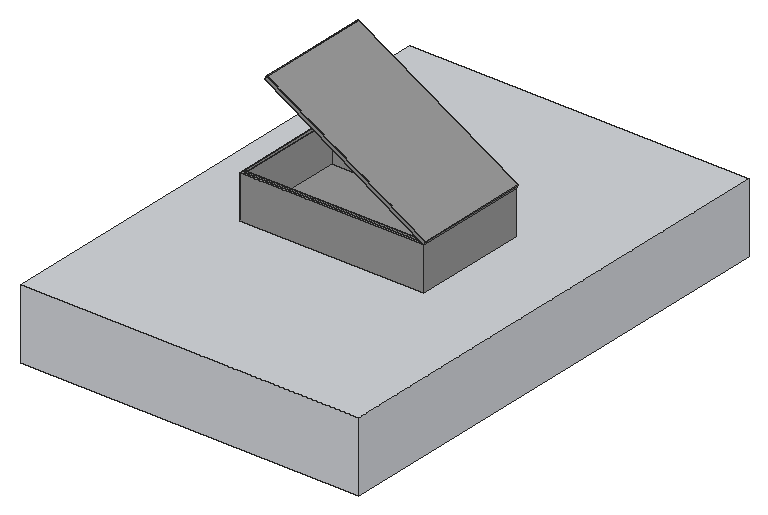
Revit family "Hager-Univers-IP54-D205-Cl.II-enclosure_metering-DE-de", category Equipement électrique, Revit 2020
Family settings
  Hôte = Face
  Configuration du panneau = Deux colonnes, circuits au sein
  Cote de connecteur circulaire = Utiliser le diamètre
  Type d'élément = Tableau de raccordement
  Couper avec des vides une fois chargée = Non
  Partagée = Non
  Point de calcul de pièce = Non
Parameters (values of type "Aufputz IP54 B800 H500 T205  - ZB013W")
  Width Control [instance] = if([EF000008 - Breite] > Min Width, [EF000008 - Breite], Min Width)  # 800 mm
  Commentaires du type = [HG000003 - Bereich]  # "Univers"
  Thickness Door [instance] = if([EF009171 - Materialstärke Tür/Deckel] > 3 mm, 3 mm, [EF009171 - Materialstärke Tür/Deckel])  # 1 mm
  Seal Frame Offset [instance] = 17 mm  # constant formula
  Plinth Visibility [instance] = [HG000027 - Sockelhöhe] > 0 mm  # no
  Model = ""
  Min Width [instance] = 100 mm  # constant formula
  Min Height [instance] = 100 mm  # constant formula
  Min Depth [instance] = (2 * [EF009170 - Materialstärke Gehäuse]) + 1 mm  # 3 mm
  Internal Frame Depth [instance] = (Door System Depth * 0.5)  # 9 mm
  Height Control [instance] = if([EF000040 - Höhe] > Min Height, [EF000040 - Höhe], Min Height)  # 500 mm
  HG000027 - Sockelhöhe = 0 mm
  HG000026 - Stehend auf dem Boden = no
  HG000024 - Höhe des unteren Teils = 800 mm
  HG000023 - Gehäuse mit doppeltem Querschnitt = no
  HG000016 - 3D-Türsichtbarkeit [instance] = yes
  HG000015 - Sichtbarkeit der Türöffnung [instance] = no
  HG000014 - Tür rechts [instance] = yes
  HG000013 - Tür links [instance] = not([HG000014 - Tür rechts])  # no
  HG000012 - Türschwenkwinkel [instance] = 30.00°
  HG000010 - Asymmetrische Türen = no
  HG000009 - Doppelflügeligen Tür = no
  HG000006 - Unterputz = no
  HG000004 - Herstellerreferenz = "ZB013W"
  HG000003 - Bereich = "Univers"
  HG000002 - Mit tür = yes
  Frame Offset Bottom [instance] = 10 mm  # constant formula
  Frame Offset [instance] = 15 mm  # constant formula
  EF015940 - Deckel mit Überdruckentlastung = no
  EF011959 - Schutzart (NEMA) = ""
  EF009554 - Anzahl der Öffnungen für Flanschplatten = 0
  Fabricant = "Hager"  # constant formula
  EF009212 - Ausführung Deckel = "EV000116 - geschlossen"
  EF009171 - Materialstärke Tür/Deckel = 1 mm
  EF009170 - Materialstärke Gehäuse = 1 mm
  EF008873 - Nennstrom (In) = 0 A
  EF007800 - Geeignet für Blitzschutz = no
  EF006306 - Mit Schloss = no
  EF006244 - Transparenter Deckel/Tür = no
  EF005474 - Schutzart (IP) = "EV006419 - IP54"
  EF004464 - Art der Tür = "EV003602 - Doppel"
  EF004427 - Anzahl der Module = 108
  EF004293 - Schlagfestigkeit = ""
  EF003532 - Geeignet für Außengebrauch = no
  EF002950 - Breite in Teilungseinheiten = 0
  EF001613 - Funktionserhalt = "EV000494 - ohne"
  EF001596 - Werkstoff des Gehäuses = "EV000179 - Stahl"
  EF001131 - Innentiefe = 0 mm
  EF001088 - Anbaumöglichkeit = yes
  EF000437 - Anzahl der Leitungseinführungen = 0
  EF000339 - Art der Abdeckung = "EV004216 - Tür"
  EF000266 - Anzahl der Reihen = 9
  EF000218 - Einbautiefe = 205 mm
  EF000118 - Mit Montageplatte = no
  EF000116 - RAL-Nummer = "9010"
  EF000049 - Tiefe = 205 mm
  EF000040 - Höhe = 500 mm
  EF000008 - Breite = 800 mm
  EF000007 - Farbe = "EV000202 - weiß"
  EF000003 - Montageart = "EV000384 - Aufputz"
  Door System Leaf Tolerance [instance] = 1.5 mm  # constant formula
  Door System Depth [instance] = 18 mm  # constant formula
  Door Height [instance] = Height Control - [HG000027 - Sockelhöhe]  # 500 mm
  Depth Control [instance] = if([EF000049 - Tiefe] > Min Depth, [EF000049 - Tiefe], Min Depth)  # 205 mm
  Default Elevation = 0 mm
  Connector Offset [instance] = Height Control / 2  # 250 mm
  Bottom Top Plate Trim [instance] = 1.5 mm  # constant formula
  Plinth height Ctrl [instance] = if([HG000027 - Sockelhöhe] > 0 mm, [HG000027 - Sockelhöhe], 12 mm)  # 12 mm
Types (5, lengths in mm): name | Width Control | HG000004 - Herstellerreferenz | EF004464 - Art der Tür | EF004427 - Anzahl der Module | EF000266 - Anzahl der Reihen | EF000008 - Breite
  Aufputz IP54 B1050 H500 T205  - ZB014W | 1050 | "ZB014W" | "EV002646 - Einzel" | 144 | 12 | 1050
  Aufputz IP54 B1300 H500 T205  - ZB015W | 1300 | "ZB015W" | "EV002646 - Einzel" | 180 | 15 | 1300
  Aufputz IP54 B300 H500 T205  - ZB011W | 300 | "ZB011W" | "EV002646 - Einzel" | 36 | 3 | 300
  Aufputz IP54 B550 H500 T205  - ZB012W | 550 | "ZB012W" | "EV002646 - Einzel" | 96 | 8 | 550
  Aufputz IP54 B800 H500 T205  - ZB013W | 800 | "ZB013W" | "EV003602 - Doppel" | 108 | 9 | 800
Reference planes
  plane 1 "Center (Front/Back)": y = 0
  plane 2: z = 0
  plane 3 "Center (Left/Right)": x = 0
  plane 4: z = 205
  plane 5: y = 1
  plane 6: y = 250
  plane 7: y = 0
  plane 8: y = 500
  plane 9: z = 0
  plane 10: x = -385
  plane 11: x = 385
  plane 12: x = 384
  plane 13: x = -384
  plane 14: y = 499
  plane 15: x = -383
  plane 16: x = -400
  plane 17: x = 383
  plane 18: x = 400
  plane 19: x = 399
  plane 20: x = -399
  plane 21: y = 11
  plane 22: y = 500
  plane 23: y = 484
  plane 24: z = 187
  plane 25: z = 1
  plane 26: z = 186
  plane 27: z = 204
Forms (mm)
  Extrusion 1, solid
    sketch origin (0, 0, 0) x (1, 0, 0) y (0, 1, 0)
      loop
        line (-702.964, 1305) -> (-702.964, -811.445) -> (766.763, -811.445) -> (766.763, 1305) -> (-702.964, 1305)
    from 0 to -304.8
  Extrusion 2, solid, material "Hager_Steel_RAL7035_Light_Grey", visible <- "Plinth Visibility", detail levels medium+fine
    sketch origin (0, 0, 0) x (1, 0, 0) y (0, 1, 0)
      loop
        line (-400, 0) -> (400, 0) -> (400, 12) -> (-400, 12) -> (-400, 0)
    from 0 to 187
  Extrusion 3, solid, material "Hager_Steel_RAL7035_Light_Grey", detail levels medium+fine
    sketch origin (0, 0, 0) x (1, 0, 0) y (0, 1, 0)
      loop
        line (-400, 0) -> (400, 0) -> (400, 500) -> (-400, 500) -> (-400, 0)
    from 0 to 187
  Extrusion 4, void
    sketch origin (0, 0, 0) x (1, 0, 0) y (0, 1, 0)
      loop
        line (-399, 1) -> (399, 1) -> (399, 499) -> (-399, 499) -> (-399, 1)
    from 1 to 186
  Extrusion 5, void
    sketch origin (-381.607, -4572, 187) x (0, -1, 0) y (-1, 0, 0)
      loop
        line (-4583, 2.393) -> (-5056, 2.393) -> (-5056, -765.607) -> (-4583, -765.607) -> (-4583, 2.393)
    from 0 to 1 <- "EF009170 - Materialstärke Gehäuse"
  Extrusion 6, solid, material "Hager_Steel_RAL7035_Light_Grey", detail levels fine
    sketch origin (0, 0, 187) x (1, 0, 0) y (0, 1, 0)
      loop
        line (-384, 484) -> (-384, 11) -> (384, 11) -> (384, 484) -> (-384, 484)
      loop
        line (-385, 10) -> (385, 10) -> (385, 485) -> (-385, 485) -> (-385, 10)
    from 0 to 9 <- "Internal Frame Depth"
  Extrusion 7, solid, material "Hager_Steel_RAL7035_Light_Grey", detail levels coarse
    sketch origin (0, 0, 0) x (1, 0, 0) y (0, 1, 0)
      loop
        line (-400, 0) -> (400, 0) -> (400, 500) -> (-400, 500) -> (-400, 0)
    from 0 to 205
  Sweep 8, void
    path in 3D
      loop
        line (-400, 12, 0) -> (400, 12, 0) -> (400, 12, 187) -> (-400, 12, 187) -> (-400, 12, 0)
    profile origin (-400, 12, 93.5) x (-1, 0, 0) y (0, -1, 0)
      loop
        line (0, 0) -> (0, 1.5) -> (-1.5, 1.5)
        arc (-1.5, 1.5) -> (-1.061, 0.439) -> (0, 0) r 1.5
Cuts and joins
  Extrusion 4, Extrusion 5 cuts Extrusion 3
  Sweep 8 cuts Extrusion 2
Lines and regions (mm)
  Masking region 1
    outline origin (0, 0, 0) x (1, 0, 0) y (0, 0, 1)
      loop
        line (-400, 205) -> (-400, 0) -> (400, 0) -> (400, 205) -> (-400, 205)
  Masking region 2, detail levels medium+fine
    outline origin (0, 140, 0) x (0, 1, 0) y (0, 0, 1)
      loop
        line (-140, 0) -> (360, 0) -> (360, 187) -> (-140, 187) -> (-140, 0)
  Masking region 3, not visible, detail levels medium+fine
    outline origin (0, 297.922, 0) x (0, 1, 0) y (0, 0, 1)
      loop
        line (-36.422, 0) -> (3.578, 0) -> (3.578, 194)
        arc (3.578, 194) -> (0.649, 201.071) -> (-6.422, 204) r 10
        line (-6.422, 204) -> (-36.422, 204) -> (-36.422, 0)
  Masking region 4, detail levels coarse
    outline origin (0, 0, 180) x (0, 1, 0) y (0, 0, 1)
      loop
        line (0, -180) -> (500, -180) -> (500, 25) -> (0, 25) -> (0, -180)
  Masking region 5, visible <- "Plinth Visibility", detail levels medium+fine
    outline origin (0, 52.24, 12.345) x (0, 0, -1) y (0, 1, 0)
      loop
        line (10.845, -40.24) -> (-173.155, -40.24)
        arc (-173.155, -40.24) -> (-173.594, -41.301) -> (-174.655, -41.74) r 1.5
        line (-174.655, -41.74) -> (-174.655, -52.24) -> (12.345, -52.24) -> (12.345, -41.74)
        arc (12.345, -41.74) -> (11.285, -41.301) -> (10.845, -40.24) r 1.5
  Masking region 6, detail levels medium+fine
    outline origin (-381.607, -4572, 187) x (-1, 0, 0) y (0, -1, 0)
      loop
        line (18.393, -5072) -> (18.393, -4572) -> (-781.607, -4572) -> (-781.607, -5072) -> (18.393, -5072)
  Masking region 7, visible <- "Plinth Visibility", detail levels medium+fine
    outline origin (-381.607, -4727, 187) x (-1, 0, 0) y (0, -1, 0)
      loop
        arc (16.893, -4739) -> (17.332, -4737.939) -> (18.393, -4737.5) r 1.5
        line (18.393, -4737.5) -> (18.393, -4727) -> (-781.607, -4727) -> (-781.607, -4737.5)
        arc (-781.607, -4737.5) -> (-780.546, -4737.939) -> (-780.107, -4739) r 1.5
        line (-780.107, -4739) -> (16.893, -4739)
  Masking region 8, detail levels coarse
    outline origin (-442.548, -4669.526, 187) x (-1, 0, 0) y (0, -1, 0)
      loop
        line (-42.548, -5169.526) -> (-42.548, -4669.526) -> (-842.548, -4669.526) -> (-842.548, -5169.526) -> (-42.548, -5169.526)
  sketch lines
    curve 1: line (-400, 12, 187) -> (-400, 12, 0)
    curve 2: line (400, 12, 187) -> (-400, 12, 187)
    curve 3: line (400, 12, 187) -> (400, 12, 0)
    curve 4: line (-400, 12, 0) -> (400, 12, 0)
Dimensions and locks
  "Depth Control": plane 4 to Extrusion 1
  "HG000027 - Sockelhöhe": plane 1 "Center (Front/Back)" to plane 7
  "EF009170 - Materialstärke Gehäuse": plane 5 to plane 7
  locked: connector elem to plane 3 "Center (Left/Right)"
  equal spacing: plane 8, plane 6, plane 7
  locked: connector elem to plane 6
  "EF009170 - Materialstärke Gehäuse": plane 8 to plane 14
  "EF009170 - Materialstärke Gehäuse": plane 10 to plane 13
  "EF009170 - Materialstärke Gehäuse": plane 12 to plane 11
  "Frame Offset": plane 20 to plane 13
  "Frame Offset": plane 12 to plane 19
  "EF009170 - Materialstärke Gehäuse": plane 16 to plane 20
  "EF009170 - Materialstärke Gehäuse": plane 19 to plane 18
  "Seal Frame Offset": plane 16 to plane 15
  "Seal Frame Offset": plane 17 to plane 18
  "Frame Offset Bottom": plane 21 to plane 5
  "Frame Offset": plane 14 to plane 23
  equal spacing: plane 16, plane 3 "Center (Left/Right)", plane 18
  "Width Control": plane 16 to plane 18
  "EF009170 - Materialstärke Gehäuse": plane 4 to plane 27
  "EF009170 - Materialstärke Gehäuse": plane 24 to plane 26
  "EF009170 - Materialstärke Gehäuse": plane 25 to level
  "Door System Depth": plane 4 to plane 24
  "Height Control": plane 1 "Center (Front/Back)" to Extrusion 7 sketch curve
  "Height Control": Masking region 4 sketch curve to plane 1 "Center (Front/Back)"
  "Height Control": plane 1 "Center (Front/Back)" to plane 22
  "Bottom Top Plate Trim": profile plane to Sweep 8 sketch curve
  "Bottom Top Plate Trim": Sweep 8 sketch curve to profile plane
  "Plinth height Ctrl": plane 1 "Center (Front/Back)" to Extrusion 2 sketch curve
  "Plinth height Ctrl": Masking region 5 sketch curve to plane 1 "Center (Front/Back)"
  "Plinth height Ctrl": plane 1 "Center (Front/Back)" to Masking region 7 sketch curve
  "Thickness Door": Extrusion 6 sketch curve to Extrusion 6 sketch curve  (x3)
  "Thickness Door": cut or joined group of Extrusion 3, Extrusion 4, Extrusion 5 to Extrusion 6 sketch curve
  radius of Masking region 3 sketch curve = 10 mm
  "Bottom Top Plate Trim": radius of Masking region 5 sketch curve  (x2)
  "Bottom Top Plate Trim": radius of Sweep 8 sketch curve
  "Bottom Top Plate Trim": radius of Masking region 7 sketch curve  (x2)
  aligned and locked: plane 2 to Extrusion 1
  aligned and locked: level to Extrusion 1
  aligned and locked: level to Masking region 1 sketch curve
  aligned and locked: Masking region 1 sketch curve to plane 18
  aligned and locked: Masking region 1 sketch curve to plane 16
  aligned and locked: plane 7 to Masking region 2 sketch curve
  aligned and locked: level to Masking region 3 sketch curve
  aligned and locked: Masking region 3 sketch curve to plane 27
  aligned and locked: level to Masking region 2 sketch curve
  aligned and locked: plane 1 "Center (Front/Back)" to Extrusion 2 sketch curve
  aligned and locked: Extrusion 3 sketch curve to plane 7
  aligned and locked: plane 16 to Extrusion 3 sketch curve
  aligned and locked: plane 18 to Extrusion 3 sketch curve
  aligned and locked: plane 20 to Extrusion 4 sketch curve
  aligned and locked: plane 19 to Extrusion 4 sketch curve
  aligned and locked: Extrusion 4 sketch curve to plane 5
  aligned and locked: Extrusion 4 to plane 25
  aligned and locked: plane 26 to Extrusion 4
  aligned and locked: plane 24 to Extrusion 3
  aligned and locked: Extrusion 5 sketch curve to plane 21
  aligned and locked: Extrusion 5 sketch curve to plane 13
  aligned and locked: Extrusion 5 sketch curve to plane 12
  aligned and locked: plane 18 to Extrusion 7 sketch curve
  aligned and locked: plane 1 "Center (Front/Back)" to Extrusion 7 sketch curve
  aligned and locked: plane 16 to Extrusion 7 sketch curve
  aligned and locked: plane 4 to Extrusion 7
  aligned and locked: Extrusion 7 to level
  aligned and locked: level to Masking region 4 sketch curve
  aligned and locked: Masking region 4 sketch curve to plane 1 "Center (Front/Back)"
  aligned and locked: Masking region 4 sketch curve to plane 4
  aligned and locked: nested 1 to level
  aligned and locked: nested 1 to plane 16
  aligned and locked: plane 8 to Extrusion 3 sketch curve
  aligned and locked: plane 23 to Extrusion 5 sketch curve
  aligned and locked: plane 14 to Extrusion 4 sketch curve
  aligned and locked: Masking region 2 sketch curve to plane 8
  aligned and locked: level to Masking region 5 sketch curve
  aligned and locked: plane 16 to Extrusion 2 sketch curve
  aligned and locked: plane 18 to Extrusion 2 sketch curve
  aligned and locked: Masking region 5 sketch curve to plane 24
  aligned and locked: Masking region 2 sketch curve to plane 24
  aligned and locked: plane 24 to Extrusion 2
  aligned and locked: profile plane to Sweep 8 sketch curve  (x2)
  aligned and locked: Masking region 6 sketch curve to plane 18
  aligned and locked: Masking region 6 sketch curve to plane 22
  aligned and locked: Masking region 6 sketch curve to plane 16
  aligned and locked: plane 8 to plane 22
  aligned and locked: Masking region 6 sketch curve to plane 7
  aligned and locked: Masking region 7 sketch curve to plane 16
  aligned and locked: Masking region 7 sketch curve to plane 1 "Center (Front/Back)"
  aligned and locked: Masking region 7 sketch curve to plane 18
  aligned and locked: Masking region 8 sketch curve to plane 1 "Center (Front/Back)"
  aligned and locked: Masking region 8 sketch curve to plane 18
  aligned and locked: Masking region 8 sketch curve to plane 22
  aligned and locked: Masking region 8 sketch curve to plane 16
  aligned and locked: nested 2 to plane 7
  aligned and locked: plane 3 "Center (Left/Right)" to nested 2
  aligned and locked: nested 2 to plane 24
  aligned and locked: Extrusion 6 sketch curve to cut or joined group of Extrusion 3, Extrusion 4, Extrusion 5  (x4)
Automatic sketch dimensions
  Extrusion 1 sketch curve to Extrusion 1 sketch curve = 1469.727 mm
  Extrusion 1 sketch curve to Extrusion 1 sketch curve = 2116.445 mm
  Masking region 1 sketch curve to plane 4 = 0 mm
  plane 6 to Masking region 3 sketch curve = 11.5 mm
  Masking region 3 sketch curve to Masking region 3 sketch curve = 30 mm
  Masking region 5 sketch curve to plane 1 "Center (Front/Back)" = 0 mm
Nested families
  nested 1: "Hager_Enclosure_Symbol" at (-400, 0, 0) x (1, 0, 0) z (0, -1, 0), Height <- "Depth Control", Width <- "Width Control", type "Hager_Enclosure_Symbol"
    with Width_Ctrl 800 mm, Width 800 mm, Height_Ctrl 205 mm, Height 205 mm, A_Width_Int 13.453 mm, A_Width 161.438 mm, A_Height_Ctrl 179.375 mm, A_Height 179.375 mm
  nested 2: "EC000058_Univers_Door" at (0, 0, 187) x (1, 0, 0) z (0, 1, 0), Leaf_Tolerance <- "Door System Leaf Tolerance", Angle <- "HG000012 - Türschwenkwinkel", Door_Depth <- "Door System Depth", Door_Left <- "HG000013 - Tür links", Transparent <- "EF006244 - Transparenter Deckel/Tür", Assymetrical <- "HG000010 - Asymmetrische Türen", Width <- "Width Control", Clearance <- "HG000015 - Sichtbarkeit der Türöffnung", Double <- "HG000009 - Doppelflügeligen Tür", 3d_Door <- "HG000016 - 3D-Türsichtbarkeit", Lock_Visibility <- "EF006306 - Mit Schloss", Width_Ctrl <- "Width Control", Door_Right <- "HG000014 - Tür rechts", Door <- "HG000002 - Mit tür", Height <- "Door Height", Thickness <- "Thickness Door", type "EC000058_Univers_Door", detail levels medium+fine
    with min_wh 3 mm, Width_Ctrl 800 mm, Width 800 mm, Transparent no, Thickness 1 mm, Seal_Material Hager_Rubber, Lock_Visibility no, Lock_Material Hager_Plastic_RAL9005_Jet_Black, Leaf_Width 800 mm, Leaf_Tolerance_External_Sides 0 mm, Leaf_Tolerance 1.5 mm, Leaf_Offset 0 mm, Leaf_Height 497 mm, Leaf_2_Width 800 mm, Leaf_2_Offset 400 mm, Leaf_1_Width 800 mm, Leaf_1_Offset 400 mm, Height_Ctrl 500 mm, Height 500 mm, Glass_Material Hager_Glass, Double_Clearance_Ctrl no, Double no, Door_Right_Ctrl yes, Door_Right yes, Door_Material Hager_Steel_RAL7035_Light_Grey, Door_Left_Ctrl no, Door_Left no, Door_Depth 18 mm, Door yes, Clearance_Material Hager_Clearance, Clearance_Depth 800 mm, Clearance_Ctrl no, Clearance no, Assymetrical no, Angle 30.00°, 3d_Door yes
Connectors
  electrical at (0, 250, 0)
    settings: on plane 9, index 1, voltage 0 V, apparent load 0 VA, apparent load phase1 0 VA, apparent load phase2 0 VA, apparent load phase3 0 VA, power factor 1, load classification "Other", number of poles 1, system type 30, power factor state 1, is connector primary yes, connector utility no, sub classification motor no, connector description ""
Definition of nested family "EC000058_Univers_Door"
  Parameters (values of type "EC000058_Univers_Door")
    min_wh [instance] = (2 * Thickness) + 1 mm  # 11 mm
    Width_Ctrl [instance] = 400 mm
    Width [instance] = 500 mm
    Transparent [instance] = yes
    Thickness [instance] = 5 mm
    Seal_Material [instance] = none
    Lock_Visibility [instance] = yes
    Lock_Material [instance] = none
    Leaf_Width [instance] = if((Width_Ctrl - 2 * Leaf_Tolerance_External_Sides) > 0 mm, (Width_Ctrl - 2 * Leaf_Tolerance_External_Sides), min_wh)  # 400 mm
    Leaf_Tolerance_External_Sides [instance] = 0 mm  # constant formula
    Leaf_Tolerance [instance] = 1.5 mm
    Leaf_Offset [instance] = 0 mm  # constant formula
    Leaf_Height [instance] = if((Height_Ctrl - 2 * Leaf_Tolerance) > 0 mm, (Height_Ctrl - 2 * Leaf_Tolerance), min_wh)  # 497 mm
    Leaf_2_Width [instance] = if(and(and(Double, Assymetrical), Door_Left), (Leaf_Width / 3) - (Leaf_Tolerance / 2), if(and(and(Double, Assymetrical), Door_Right), (Leaf_Width / 3) * 2 - (Leaf_Tolerance / 2), if(and(Double, not(Assymetrical)), (Leaf_Width / 2) - Leaf_Tolerance, Leaf_Width)))  # 400 mm
    Leaf_2_Offset [instance] = if(and(Double, Assymetrical), Leaf_2_Width / 2, if(and(Double, not(Assymetrical)), Leaf_Width / 4, Leaf_Width / 2))  # 200 mm
    Leaf_1_Width [instance] = if(and(and(Double, Assymetrical), Door_Right), (Leaf_Width / 3) - (Leaf_Tolerance / 2), if(and(and(Double, Assymetrical), Door_Left), (Width / 3) * 2 - (Leaf_Tolerance / 2), if(and(Double, not(Assymetrical)), (Leaf_Width / 2) - Leaf_Tolerance, Leaf_Width)))  # 400 mm
    Leaf_1_Offset [instance] = if(and(Double, Assymetrical), Leaf_1_Width / 2, if(and(Double, not(Assymetrical)), Leaf_Width / 4, Leaf_Width / 2))  # 200 mm
    Height_Ctrl [instance] = if(Height > min_wh, Height, min_wh)  # 500 mm
    Height [instance] = 500 mm
    Glass_Material [instance] = none
    Double_Clearance_Ctrl [instance] = and(Double, Clearance)  # no
    Double [instance] = no
    Door_Right_Ctrl [instance] = and(or(Door_Right, Double), Door)  # yes
    Door_Right [instance] = yes
    Door_Material [instance] = none
    Door_Left_Ctrl [instance] = and(or(Door_Left, Double), Door)  # no
    Door_Left [instance] = no
    Door_Depth [instance] = 30 mm
    Door [instance] = yes
    Default Elevation = 1219.2 mm
    Clearance_Material [instance] = none
    Clearance_Depth [instance] = if(Leaf_1_Width > Leaf_2_Width, Leaf_1_Width, Leaf_2_Width)  # 400 mm
    Clearance_Ctrl [instance] = and(not(Double), Clearance)  # yes
    Clearance [instance] = yes
    Assymetrical [instance] = yes
    Angle [instance] = 30.00°
    3d_Door [instance] = yes
  Reference planes
    plane 1 "Center (Front/Back)": y = 0
    plane 2 "Bottom": z = 0
    plane 3 "Center (Left/Right)": x = 0
    plane 4: z = 500
    plane 5: x = -200
    plane 6: x = 200
    plane 7: z = 500
    plane 8: x = -200
    plane 9: z = 0
    plane 10: x = 200
    plane 11: y = 0
    plane 12: z = 1.5
    plane 13: x = -600
    plane 14: y = -400
    plane 15: x = 600
    plane 16: x = 0
    plane 17: x = 0
    plane 18: x = -200
    plane 19: x = 200
    plane 20: z = 498.5
  Forms (mm)
    Extrusion 1, solid, material <- "Clearance_Material", visible <- "Double_Clearance_Ctrl"
      sketch origin (1200, 0, 0) x (1, 0, 0) y (0, 0, -1)
        loop
          line (-1800, -498.5) -> (-600, -498.5) -> (-600, 0) -> (-1800, 0) -> (-1800, -498.5)
      from 0 to -400
  Dimensions and locks
    equal spacing: plane 5, plane 3 "Center (Left/Right)", plane 6
    "Width_Ctrl": plane 5 to plane 6
    "Leaf_Offset": plane 5 to plane 8
    "Leaf_Offset": plane 6 to plane 10
    "Leaf_Offset": plane 9 to level
    "Leaf_Offset": plane 4 to plane 7
    "Height_Ctrl": plane 4 to level
    "Leaf_Tolerance": plane 12 to plane 9
    locked: plane 11 to plane 1 "Center (Front/Back)"
    "Leaf_1_Offset": plane 18 to plane 16
    "Leaf_2_Offset": plane 17 to plane 19
    "Leaf_1_Width": plane 13 to plane 8
    "Leaf_2_Width": plane 10 to plane 15
    "Clearance_Depth": plane 14 to plane 1 "Center (Front/Back)"
    "Leaf_Tolerance_External_Sides": plane 8 to plane 18
    "Leaf_Tolerance_External_Sides": plane 19 to plane 10
    "Leaf_Tolerance": plane 7 to plane 20
    aligned and locked: level to plane 2 "Bottom"
    aligned and locked: nested 1 to plane 16
    aligned and locked: nested 2 to plane 17
    aligned and locked: Extrusion 1 to plane 13
    aligned and locked: plane 15 to Extrusion 1
    aligned and locked: Extrusion 1 to plane 14
    aligned and locked: plane 12 to nested 1
    aligned and locked: nested 2 to plane 12
    aligned and locked: Extrusion 1 to plane 11
    aligned and locked: plane 20 to Extrusion 1
    aligned and locked: nested 2 to plane 11
    aligned and locked: nested 1 to plane 11
  Automatic sketch dimensions
    Extrusion 1 sketch curve to level = 0 mm
    plane 5 to Extrusion 1 sketch curve = 400 mm
    plane 6 to Extrusion 1 sketch curve = 400 mm
    Extrusion 1 sketch curve to plane 4 = 1.5 mm
  Nested families
    nested 1: "EC000058_Univers_Door_Leaf" at (0, 0, 1.5), Width <- "Leaf_1_Width", visible <- "Door_Left_Ctrl", Leaf_Height <- "Leaf_Height", Angle <- "Angle", 3d_Door <- "3d_Door", Transparent <- "Transparent", Clearance Material <- "Clearance_Material", Clearance <- "Clearance_Ctrl", Door_Material <- "Door_Material", Glass_Material <- "Glass_Material", Door_Depth <- "Door_Depth", Lock_Material <- "Lock_Material", Seal_Material <- "Seal_Material", Lock_Visibility <- "Lock_Visibility", Thickness <- "Thickness", type "EC000058_Univers_Door_Leaf"
      with Width 400 mm, Transparent_Glass_Offset 30 mm, Transparent_Ctrl yes, Transparent yes, Thickness 5 mm, Standard no, Seal_Material none, Seal_D2 8 mm, Seal_D1 1 mm, Offset_Internal_Frame 10 mm, Lock_Width 20 mm, Lock_Visibility_3d yes, Lock_Visibility yes, Lock_Thickness_3 3 mm, Lock_Thickness_2 1 mm, Lock_Thickness_1 3 mm, Lock_Radius_Offset_2 16 mm, Lock_Radius_Offset_1 15 mm, Lock_Radius_2 5 mm, Lock_Radius 6 mm, Lock_Offset 5 mm, Lock_Material none, Lock_Height 80 mm, Lock_Cover_Top_Offset_2d 17 mm, Lock_Cover_Height -65 mm, Leaf_Height 497 mm, Internal_Seal_Thickness 8 mm, Internal_Seal_Depth_2 4.5 mm, Internal_Frame_Depth 25 mm, Glass_Thickness -1 mm, Glass_Offset -2 mm, Glass_Material none, Door_Material none, Door_Depth 30 mm, Clearance Material none, Clearance yes, Angle_Ctrl 30.00°, Angle 30.00°, 3d_Door yes
    nested 2: "EC000058_Univers_Door_Leaf" at (0, 0, 1.5) x (-1, 0, 0) z (0, 0, 1), Width <- "Leaf_2_Width", visible <- "Door_Right_Ctrl", Leaf_Height <- "Leaf_Height", Angle <- "Angle", 3d_Door <- "3d_Door", Transparent <- "Transparent", Clearance Material <- "Clearance_Material", Clearance <- "Clearance_Ctrl", Door_Material <- "Door_Material", Glass_Material <- "Glass_Material", Door_Depth <- "Door_Depth", Lock_Material <- "Lock_Material", Seal_Material <- "Seal_Material", Lock_Visibility <- "Lock_Visibility", Thickness <- "Thickness", type "EC000058_Univers_Door_Leaf"
      with Width 400 mm, Transparent_Glass_Offset 30 mm, Transparent_Ctrl yes, Transparent yes, Thickness 5 mm, Standard no, Seal_Material none, Seal_D2 8 mm, Seal_D1 1 mm, Offset_Internal_Frame 10 mm, Lock_Width 20 mm, Lock_Visibility_3d yes, Lock_Visibility yes, Lock_Thickness_3 3 mm, Lock_Thickness_2 1 mm, Lock_Thickness_1 3 mm, Lock_Radius_Offset_2 16 mm, Lock_Radius_Offset_1 15 mm, Lock_Radius_2 5 mm, Lock_Radius 6 mm, Lock_Offset 5 mm, Lock_Material none, Lock_Height 80 mm, Lock_Cover_Top_Offset_2d 17 mm, Lock_Cover_Height -65 mm, Leaf_Height 497 mm, Internal_Seal_Thickness 8 mm, Internal_Seal_Depth_2 4.5 mm, Internal_Frame_Depth 25 mm, Glass_Thickness -1 mm, Glass_Offset -2 mm, Glass_Material none, Door_Material none, Door_Depth 30 mm, Clearance Material none, Clearance yes, Angle_Ctrl 30.00°, Angle 30.00°, 3d_Door yes
  Definition of nested family "EC000058_Univers_Door_Leaf"
    Parameters (values of type "EC000058_Univers_Door_Leaf")
      Width [instance] = 2000 mm
      Transparent_Glass_Offset [instance] = 30 mm
      Transparent_Ctrl [instance] = and(Transparent, [3d_Door])  # yes
      Transparent [instance] = yes
      Thickness [instance] = 5 mm
      Standard [instance] = and(not(Transparent), [3d_Door])  # no
      Seal_Material [instance] = none
      Seal_D2 [instance] = 8 mm  # constant formula
      Seal_D1 [instance] = 1 mm  # constant formula
      Offset_Internal_Frame [instance] = 10 mm  # constant formula
      Lock_Width [instance] = 20 mm  # constant formula
      Lock_Visibility_3d [instance] = and(Lock_Visibility, [3d_Door])  # yes
      Lock_Visibility [instance] = yes
      Lock_Thickness_3 [instance] = 3 mm  # constant formula
      Lock_Thickness_2 [instance] = 1 mm  # constant formula
      Lock_Thickness_1 [instance] = 3 mm  # constant formula
      Lock_Radius_Offset_2 [instance] = Lock_Radius_Offset_1 + 1 mm  # 16 mm
      Lock_Radius_Offset_1 [instance] = 15 mm  # constant formula
      Lock_Radius_2 [instance] = Lock_Radius - 1 mm  # 5 mm
      Lock_Radius [instance] = 6 mm  # constant formula
      Lock_Offset [instance] = 5 mm  # constant formula
      Lock_Material [instance] = none
      Lock_Height [instance] = 80 mm  # constant formula
      Lock_Cover_Top_Offset_2d [instance] = Lock_Radius_Offset_2 + 1 mm  # 17 mm
      Lock_Cover_Height [instance] = -(Lock_Height - Lock_Radius_Offset_1)  # -65 mm
      Leaf_Height [instance] = 2720.336 mm
      Internal_Seal_Thickness [instance] = 8 mm  # constant formula
      Internal_Seal_Depth_2 [instance] = 4.5 mm  # constant formula
      Internal_Frame_Depth [instance] = if(Door_Depth - Thickness > 5 mm, Door_Depth - Thickness, 5 mm)  # 25 mm
      Glass_Thickness [instance] = if(Thickness > 15 mm, Glass_Offset + 10 mm, -1 mm)  # -1 mm
      Glass_Offset [instance] = if(Thickness > 15 mm, -(Thickness + 10 mm) / 2, -2 mm)  # -2 mm
      Glass_Material [instance] = none
      Door_Material [instance] = none
      Door_Depth [instance] = 30 mm
      Default Elevation = 0 mm
      Clearance Material [instance] = none
      Clearance [instance] = yes
      Angle_Ctrl [instance] = if(Angle > 180.00°, 180.00°, Angle)  # 90.00°
      Angle [instance] = 90.00°
      3d_Door [instance] = yes
    Reference planes
      plane 1 "Center (Front/Back)": y = 0
      plane 2: z = 0
      plane 3 "Center (Left/Right)": x = 0
      plane 4: y = 2000
      plane 5: x = -1000
      plane 6: x = 1000
      plane 7: x = -3000
      plane 8: z = 2720.336
      plane 9: z = 30
      plane 10: z = 2690.336
      plane 11: x = 970
      plane 12: x = -970
      plane 13: y = -3
      plane 14: z = 107.833
      plane 15: y = -5
      plane 16: y = -223.314
      plane 17: x = -1000
      plane 18: z = 1360.168
      plane 19: y = 30
    Forms (mm)
      Extrusion 1, solid, material <- "Clearance Material", visible <- "Clearance"
        sketch origin (0, 0, 0) x (1, 0, 0) y (0, 0, 1)
          loop
            line (-3000, 2720.336) -> (-3000, 0) -> (1000, 0) -> (1000, 2720.336) -> (-3000, 2720.336)
        from 0 to -2000
      Extrusion 2, solid, material <- "Door_Material", visible <- "Standard", detail levels medium+fine
        sketch origin (-1000, 0, 0) x (0, 1, 0) y (-1, 0, 0)
          loop
            line (0, 30) -> (0, 25) -> (2000, 25) -> (2000, 30) -> (0, 30)
        from 0 to 2720.336 <- "Leaf_Height"
      Extrusion 3, solid, material <- "Door_Material", visible <- "Transparent_Ctrl", detail levels medium+fine
        sketch origin (-1000, 0, 0) x (0, 1, 0) y (-1, 0, 0)
          loop
            line (0, 25) -> (2000, 25) -> (2000, 30) -> (0, 30) -> (0, 25)
        from 0 to 2720.336 <- "Leaf_Height"
      Extrusion 4, void
        sketch origin (-1025, 2000, 0) x (0, 1, 0) y (0, 0, -1)
          loop
            line (-30, -2690.336) -> (-30, -30) -> (-1970, -30) -> (-1970, -2690.336) -> (-30, -2690.336)
        from 0 to 5 <- "Thickness"
      Sweep 5, solid, material <- "Seal_Material", visible <- "Transparent_Ctrl", detail levels fine
        path in 3D
          loop
            line (-1025, 30, 30) -> (-1025, 30, 2690.336) -> (-1025, 1970, 2690.336) -> (-1025, 1970, 30) -> (-1025, 30, 30)
        profile origin (-1025, 1000, 30) x (1, 0, 0) y (0, 0, 1)
          loop
            line (0, 0) -> (0, -8) -> (1, -8) -> (1, 0) -> (0, 0)
      Extrusion 6, solid, material <- "Glass_Material", visible <- "Transparent_Ctrl", detail levels medium+fine
        sketch origin (-1030, 0, 0) x (0, 1, 0) y (0, 0, -1)
          loop
            line (1970, -2690.336) -> (1970, -30) -> (30, -30) -> (30, -2690.336) -> (1970, -2690.336)
        from -2 <- "Glass_Offset" to -1 <- "Glass_Thickness"
      Extrusion 7, solid, material <- "Door_Material", visible <- "3d_Door", detail levels medium+fine
        sketch origin (-1025, 2000, 0) x (0, -1, 0) y (0, 0, -1)
          loop
            line (0, -2720.336) -> (2000, -2720.336) -> (2000, 0) -> (0, 0) -> (0, -2720.336)
          loop
            line (1995, -5) -> (5, -5) -> (5, -2715.336) -> (1995, -2715.336) -> (1995, -5)
        from 0 to 25 <- "Internal_Frame_Depth"
      Sweep 8, solid, material <- "Seal_Material", visible <- "Transparent_Ctrl", detail levels fine
        path in 3D
          loop
            line (-1025, 0, 0) -> (-1025, 2000, 0) -> (-1025, 2000, 2720.336) -> (-1025, 0, 2720.336) -> (-1025, 0, 0)
        profile origin (-1025, 0, 1360.168) x (1, 0, 0) y (0, 1, 0)
          loop
            line (0, 10) -> (2.975, 10)
            arc (2.975, 10) -> (4.053, 10.447) -> (4.5, 11.525) r 1.525
            line (4.5, 11.525) -> (4.5, 16.527)
            arc (4.5, 16.527) -> (4.069, 17.569) -> (3.027, 18) r 1.473
            line (3.027, 18) -> (0, 18) -> (0, 10)
      Extrusion 9, solid, material <- "Lock_Material", visible <- "Lock_Visibility_3d", detail levels fine
        sketch origin (-1030, 0, 0) x (0, 1, 0) y (0, 0, -1)
          loop
            arc (1993.5, -1400.168) -> (1994.561, -1399.729) -> (1995, -1398.668) r 1.5
            line (1995, -1398.668) -> (1995, -1320.168) -> (1975, -1320.168) -> (1975, -1398.668)
            arc (1975, -1398.668) -> (1975.439, -1399.729) -> (1976.5, -1400.168) r 1.5
            line (1976.5, -1400.168) -> (1993.5, -1400.168)
        from 3 <- "Lock_Thickness_1" to 0
      Blend 10, solid, material <- "Lock_Material", visible <- "Lock_Visibility_3d", detail levels fine
        base sketch origin (-1033, 0, 0) x (0, 1, 0) y (0, 0, -1)
          loop
            line (1975, -1320.168) -> (1975, -1398.668)
            arc (1975, -1398.668) -> (1975.439, -1399.729) -> (1976.5, -1400.168) r 1.5
            line (1976.5, -1400.168) -> (1993.5, -1400.168)
            arc (1993.5, -1400.168) -> (1994.561, -1399.729) -> (1995, -1398.668) r 1.5
            line (1995, -1398.668) -> (1995, -1320.168) -> (1975, -1320.168)
        top sketch origin (-1033, 0, 0) x (0, 1, 0) y (0, 0, -1)
          loop
            line (1976, -1320.168) -> (1976, -1398.668)
            arc (1976, -1398.668) -> (1976.146, -1399.022) -> (1976.5, -1399.168) r 0.5
            line (1976.5, -1399.168) -> (1993.5, -1399.168)
            arc (1993.5, -1399.168) -> (1993.854, -1399.022) -> (1994, -1398.668) r 0.5
            line (1994, -1398.668) -> (1994, -1320.168) -> (1976, -1320.168)
        from 0 to 1 <- "Lock_Thickness_2"
      Blend 11, solid, material <- "Lock_Material", visible <- "Lock_Visibility_3d", detail levels fine
        base sketch origin (-1034, 0, 0) x (0, 1, 0) y (0, 0, -1)
          loop
            line (1978, -1320.168) -> (1978, -1384.168)
            arc (1978, -1384.168) -> (1985, -1391.168) -> (1992, -1384.168) r 7
            line (1992, -1384.168) -> (1992, -1320.168) -> (1978, -1320.168)
        top sketch origin (-1034, 0, 0) x (0, 1, 0) y (0, 0, -1)
          loop
            line (1991, -1320.168) -> (1979, -1320.168) -> (1979, -1383.168)
            arc (1979, -1383.168) -> (1985, -1389.168) -> (1991, -1383.168) r 6
            line (1991, -1383.168) -> (1991, -1320.168)
        from 0 to 3 <- "Lock_Thickness_3"
      Extrusion 12, solid, material <- "Lock_Material", visible <- "Lock_Visibility_3d", detail levels fine
        sketch origin (-1030, 1975, 1320.168) x (1, 0, 0) y (0, -1, 0)
          loop
            line (-7, -19) -> (-7, -1) -> (0, -1) -> (0, 0) -> (-8, 0) -> (-8, -20) -> (0, -20) -> (0, -19) -> (-7, -19)
        from 0 to -65 <- "Lock_Cover_Height"
      Extrusion 13, void
        sketch origin (-1038, 1995, 1320.168) x (-1, 0, 0) y (0, 0, -1)
          loop
            line (-5, -65) -> (0, -65) -> (-5, -60) -> (-5, -65)
        from 0 to 20 <- "Lock_Width"
      Extrusion 14, void
        sketch origin (-1038, 1975, 1320.168) x (0, -1, 0) y (0, 0, -1)
          loop
            circle (-10, -15.995) r 6
          loop
            circle (-10, -15.995) r 5
        from 0 to 2
      Extrusion 15, solid, material <- "Lock_Material", visible <- "Lock_Visibility_3d", detail levels medium
        sketch origin (-1030, 0, 0) x (0, 1, 0) y (0, 0, -1)
          loop
            arc (1993.5, -1400.168) -> (1994.561, -1399.729) -> (1995, -1398.668) r 1.5
            line (1995, -1398.668) -> (1995, -1320.168) -> (1975, -1320.168) -> (1975, -1398.668)
            arc (1975, -1398.668) -> (1975.439, -1399.729) -> (1976.5, -1400.168) r 1.5
            line (1976.5, -1400.168) -> (1993.5, -1400.168)
        from 8 to 0
    Cuts and joins
      Extrusion 4 cuts Extrusion 3
      Extrusion 13, Extrusion 14 cuts Extrusion 9
      Extrusion 14 cuts Blend 11
      Extrusion 13, Extrusion 14 cuts Extrusion 12
      joined: Extrusion 9, Blend 10, Blend 11, Extrusion 12
      Extrusion 14 cuts Extrusion 15
    Lines and regions (mm)
      Masking region 1, visible <- "Lock_Visibility", detail levels fine
        outline origin (0, 0, 0) x (0, 1, 0) y (0, 0, 1)
          loop
            line (30, 1320.168) -> (33, 1320.168) -> (33, 1400.168) -> (30, 1400.168) -> (30, 1320.168)
      Masking region 2, visible <- "Lock_Visibility", detail levels fine
        outline origin (0, 3.143, 0) x (0, 1, 0) y (0, 0, 1)
          loop
            line (29.857, 1354.168) -> (30.857, 1354.168) -> (30.857, 1366.168) -> (29.857, 1366.168) -> (29.857, 1354.168)
      Masking region 3, detail levels medium+fine
        outline origin (0, 0, 0) x (0, 1, 0) y (0, 0, 1)
          loop
            line (0, 0) -> (30, 0) -> (30, 2720.336) -> (0, 2720.336) -> (0, 0)
      Masking region 4, detail levels medium+fine
        outline origin (0, 0, 0) x (1, 0, 0) y (0, 0, 1)
          loop
            line (-1000, 2720.336) -> (-1000, 0) -> (1000, 0) -> (1000, 2720.336) -> (-1000, 2720.336)
      Masking region 5, visible <- "Lock_Visibility", detail levels fine
        outline origin (-47.116, 0, 0) x (1, 0, 0) y (0, 0, 1)
          loop
            arc (1024.616, 1399.168) -> (1023.556, 1398.729) -> (1023.116, 1397.668) r 1.5
            line (1023.116, 1397.668) -> (1023.116, 1320.168) -> (1041.116, 1320.168) -> (1041.116, 1397.668)
            arc (1041.116, 1397.668) -> (1040.677, 1398.729) -> (1039.616, 1399.168) r 1.5
            line (1039.616, 1399.168) -> (1024.616, 1399.168)
      Masking region 6, visible <- "Lock_Visibility", detail levels medium+fine
        outline origin (-25, 0, 0) x (1, 0, 0) y (0, 0, 1)
          loop
            arc (1001.5, 1400.168) -> (1000.439, 1399.729) -> (1000, 1398.668) r 1.5
            line (1000, 1398.668) -> (1000, 1320.168) -> (1020, 1320.168) -> (1020, 1398.668)
            arc (1020, 1398.668) -> (1019.561, 1399.729) -> (1018.5, 1400.168) r 1.5
            line (1018.5, 1400.168) -> (1001.5, 1400.168)
      Masking region 7, visible <- "Lock_Visibility", detail levels fine
        outline origin (-73.735, 0, 0) x (1, 0, 0) y (0, 0, 1)
          loop
            line (1051.735, 1382.168) -> (1065.735, 1382.168) -> (1065.735, 1384.168)
            arc (1065.735, 1384.168) -> (1058.735, 1391.168) -> (1051.735, 1384.168) r 7
            line (1051.735, 1384.168) -> (1051.735, 1382.168)
      Masking region 8, visible <- "Lock_Visibility", detail levels fine
        outline origin (-73.735, 0, 0) x (1, 0, 0) y (0, 0, 1)
          loop
            line (1052.735, 1382.168) -> (1064.735, 1382.168) -> (1064.735, 1383.168)
            arc (1064.735, 1383.168) -> (1058.735, 1389.168) -> (1052.735, 1383.168) r 6
            line (1052.735, 1383.168) -> (1052.735, 1382.168)
      Masking region 9, visible <- "Lock_Visibility", detail levels fine
        outline origin (-25, 0, 0) x (1, 0, 0) y (0, 0, 1)
          loop
            line (1020, 1320.168) -> (1020, 1382.168) -> (1000, 1382.168) -> (1000, 1320.168) -> (1020, 1320.168)
      Masking region 10, detail levels medium+fine
        outline origin (0, 0, 0) x (1, 0, 0) y (0, 0, 1)
          loop
            circle (985, 1335.144) r 6
      Masking region 11, detail levels fine
        outline origin (0, 0, 0) x (1, 0, 0) y (0, 0, 1)
          loop
            circle (985, 1335.144) r 5
      Masking region 12, visible <- "Lock_Visibility", detail levels fine
        outline origin (0, 12.767, 0) x (0, 1, 0) y (0, 0, 1)
          loop
            line (20.233, 1320.168) -> (21.233, 1320.168) -> (21.233, 1399.168) -> (20.233, 1400.168) -> (20.233, 1320.168)
      Masking region 13, visible <- "Lock_Visibility", detail levels fine
        outline origin (0, 13.767, -10) x (0, 1, 0) y (0, 0, 1)
          loop
            line (20.233, 1330.168) -> (23.233, 1330.168) -> (23.233, 1399.168) -> (20.233, 1402.168) -> (20.233, 1330.168)
      Masking region 14, visible <- "Lock_Visibility", detail levels fine
        outline origin (0, 12.767, -10) x (0, 1, 0) y (0, 0, 1)
          loop
            line (20.233, 1330.168) -> (25.233, 1330.168) -> (25.233, 1399.305) -> (20.233, 1394.305) -> (20.233, 1330.168)
      Masking region 15, visible <- "Lock_Visibility", detail levels medium
        outline origin (0, 0, 0) x (0, 1, 0) y (0, 0, 1)
          loop
            line (30, 1320.168) -> (38, 1320.168) -> (38, 1400.168) -> (30, 1400.168) -> (30, 1320.168)
      Masking region 16, visible <- "Lock_Visibility", detail levels fine
        outline origin (-1000, 0, 0) x (0, 1, 0) y (-1, 0, 0)
          loop
            line (1975, 30) -> (1995, 30) -> (1995, 38) -> (1975, 38) -> (1975, 30)
          loop
            line (1979, 37) -> (1976, 37) -> (1976, 34) -> (1978, 34) -> (1979, 37)
          loop
            line (1994, 37) -> (1991, 37) -> (1992, 34) -> (1994, 34) -> (1994, 37)
      Masking region 17, visible <- "Lock_Visibility", detail levels medium
        outline origin (-1000, 0, 0) x (0, 1, 0) y (-1, 0, 0)
          loop
            line (1975, 30) -> (1995, 30) -> (1995, 38) -> (1975, 38) -> (1975, 30)
      symbolic lines
        curve 1: line (1000, 0, 0) -> (-3000, 0, 0)
        curve 2: arc (1000, 0, 0) -> (-1000, 2000, 0) -> (-3000, 0, 0) r 2000
        curve 4: line (-1030, 0, 0) -> (-1030, 2000, 0)
      reference lines
        curve 3: line (-1000, 0, 0) -> (-1000, 2000, 0)
      symbolic lines, detail levels medium+fine
        curve 5: line (-1030, 2000, 0) -> (-1025, 2000, 0)
        curve 7: line (-1025, 0, 0) -> (-1030, 0, 0)
        curve 8: line (-1025, 0, 0) -> (-1000, 0, 0)
        curve 9: line (-1000, 0, 0) -> (-1000, 2000, 0)
        curve 10: line (-1000, 2000, 0) -> (-1025, 2000, 0)
      symbolic lines, detail levels fine
        curve 6: line (-1025, 2000, 0) -> (-1025, 0, 0)
      sketch lines
        curve 11: line (-1025, 0, 2720.336) -> (-1025, 0, 0)
        curve 12: line (-1025, 2000, 0) -> (-1025, 0, 0)
        curve 13: line (-1025, 2000, 2720.336) -> (-1025, 2000, 0)
        curve 14: line (-1025, 0, 2720.336) -> (-1025, 2000, 2720.336)
        curve 15: line (-1025, 1970, 30) -> (-1025, 30, 30)
        curve 16: line (-1025, 30, 30) -> (-1025, 30, 2690.336)
        curve 17: line (-1025, 1970, 2690.336) -> (-1025, 1970, 30)
        curve 18: line (-1025, 30, 2690.336) -> (-1025, 1970, 2690.336)
      symbolic lines, visible <- "Transparent", detail levels medium+fine
        curve 19: line (-970, 0, 2690.336) -> (970, 0, 2690.336)
        curve 20: line (-970, 0, 30) -> (-970, 0, 2690.336)
        curve 21: line (970, 0, 30) -> (-970, 0, 30)
        curve 22: line (970, 0, 2690.336) -> (970, 0, 30)
    Dimensions and locks
      "Width": plane 1 "Center (Front/Back)" to plane 4
      equal spacing: plane 5, plane 3 "Center (Left/Right)", plane 6
      "Width": plane 5 to plane 6
      "Width": plane 7 to plane 5
      "Leaf_Height": plane 8 to level
      "Width": curve 5 to curve 3
      "Width": curve 3 to curve 3
      plane 8 to plane 10 = 30 mm
      plane 9 to level = 30 mm
      plane 12 to plane 5 = 30 mm
      plane 6 to plane 11 = 30 mm
      Extrusion 1 to Extrusion 4 sketch curve = 30 mm
      "Transparent_Glass_Offset": curve 3 to Extrusion 4 sketch curve
      "Transparent_Glass_Offset": Extrusion 4 sketch curve to cut or joined group of Extrusion 3, Extrusion 4  (x2)
      cut or joined group of Extrusion 3, Extrusion 4 to Extrusion 6 sketch curve = 30 mm
      "Transparent_Glass_Offset": cut or joined group of Extrusion 3, Extrusion 4 to Extrusion 4 sketch curve
      "Thickness": curve 6 to curve 4
      "Thickness": Extrusion 7 sketch curve to Extrusion 7 sketch curve  (x4)
      "Door_Depth": curve 4 to curve 3
      "Offset_Internal_Frame": profile plane to Sweep 8 sketch curve
      "Internal_Seal_Thickness": Sweep 8 sketch curve to Sweep 8 sketch curve
      "Internal_Seal_Depth_2": profile plane to Sweep 8 sketch curve
      "Seal_D1": profile plane to Sweep 5 sketch curve
      "Seal_D2": profile plane to Sweep 5 sketch curve
      "Thickness": Extrusion 2 sketch curve to Extrusion 2 sketch curve
      equal spacing: Extrusion 9 sketch curve, plane 18, Extrusion 9 sketch curve  (x2)
      equal spacing: Masking region 1 sketch curve, plane 18, Masking region 1 sketch curve
      "Lock_Height": Masking region 1 sketch curve to Masking region 1 sketch curve
      "Lock_Radius": Masking region 2 sketch curve to plane 18 to Masking region 2 sketch curve
      Masking region 2 sketch curve to Masking region 1 = 1 mm
      "Door_Depth": plane 19 to plane 1 "Center (Front/Back)"
      "Lock_Thickness_1": Masking region 1 sketch curve to plane 19
      "Lock_Width": Extrusion 9 sketch curve to Extrusion 9 sketch curve
      "Lock_Height": Extrusion 9 sketch curve to Extrusion 9 sketch curve
      "Lock_Offset": cut or joined group of Extrusion 3, Extrusion 4 to Extrusion 9 sketch curve
      equal spacing: plane 8, plane 18, level
      "Lock_Radius_Offset_1": Blend 11 sketch curve to Blend 10
      locked: Blend 10 to Blend 11 sketch curve at 2  (x2)
      locked: var sketch to Blend 11 sketch curve at 1  (x2)
      "Lock_Radius_Offset_2": Blend 11 sketch curve to Blend 10
      locked: Extrusion 12 sketch curve to Extrusion 12 sketch curve at 1  (x3)
      Masking region 6 sketch curve to Masking region 6 sketch curve = 80 mm
      "Lock_Height": Masking region 6 sketch curve to Masking region 6 sketch curve
      "Lock_Width": Masking region 6 sketch curve to Masking region 6 sketch curve
      locked: Masking region 6 to Masking region 5 sketch curve at 1  (x3)
      locked: Masking region 5 to Masking region 7 sketch curve at 2  (x2)
      "Lock_Radius_Offset_1": Masking region 5 to Masking region 7 sketch curve
      "Lock_Radius_Offset_2": Masking region 5 to Masking region 8 sketch curve
      locked: Masking region 7 to Masking region 8 sketch curve at 1  (x2)
      "Lock_Cover_Top_Offset_2d": Masking region 5 to Masking region 9 sketch curve
      equal spacing: Masking region 9, Masking region 10 sketch curve, Masking region 9
      equal spacing: Masking region 9, Masking region 11 sketch curve, Masking region 9
      Extrusion 15 sketch curve to Extrusion 15 sketch curve = 80 mm
      "Lock_Width": Extrusion 15 sketch curve to Extrusion 15 sketch curve
      "Lock_Height": Extrusion 15 sketch curve to Extrusion 15 sketch curve
      equal spacing: Extrusion 15 sketch curve, plane 18, Extrusion 15 sketch curve
      "Lock_Thickness_3": Masking region 13 sketch curve to Masking region 13 sketch curve
      "Lock_Height": Masking region 12 sketch curve to Masking region 12 sketch curve
      locked: Masking region 13 sketch curve to Masking region 1 at 8
      locked: Masking region 14 sketch curve to Masking region 13 at 1
      locked: Masking region 14 sketch curve to Masking region 1 at 10.863
      "Lock_Height": Masking region 15 sketch curve to Masking region 15 sketch curve
      "Lock_Offset": Extrusion 15 sketch curve to cut or joined group of Extrusion 3, Extrusion 4
      "Lock_Offset": plane 6 to Masking region 6 sketch curve
      radius of Sweep 8 sketch curve = 1.525 mm
      radius of Sweep 8 sketch curve = 1.473 mm
      radius of Extrusion 9 sketch curve = 1.5 mm  (x2)
      "Lock_Radius": radius of Extrusion 14 sketch curve
      "Lock_Radius_2": radius of Extrusion 14 sketch curve
      "Lock_Radius": radius of Masking region 10 sketch curve
      "Lock_Radius_2": radius of Masking region 11 sketch curve
      radius of Extrusion 15 sketch curve = 1.5 mm  (x2)
      "Angle_Ctrl": angle plane 1 "Center (Front/Back)" to curve 3
      locked: Masking region 12 sketch curve to Masking region 12 sketch curve (angle 45.00°)
      locked: Masking region 13 sketch curve to Masking region 13 sketch curve (angle 45.00°)
      locked: Masking region 14 sketch curve to Masking region 14 sketch curve (angle 45.00°)
      aligned and locked: level to plane 2
      aligned and locked: Extrusion 1 to curve 1
      aligned and locked: plane 6 to Extrusion 1
      aligned and locked: Extrusion 1 to plane 1 "Center (Front/Back)"
      aligned and locked: plane 4 to Extrusion 1
      aligned and locked: plane 8 to Extrusion 1
      aligned and locked: curve 7 to Extrusion 2 sketch curve
      aligned and locked: curve 5 to Extrusion 2 sketch curve
      aligned and locked: curve 7 to Extrusion 3 sketch curve
      aligned and locked: Extrusion 3 sketch curve to curve 4
      aligned and locked: Extrusion 3 sketch curve to curve 6
      aligned and locked: Extrusion 3 sketch curve to curve 5
      aligned and locked: curve 9 to curve 3
      aligned and locked: Extrusion 7 sketch curve to cut or joined group of Extrusion 3, Extrusion 4  (x4)
      aligned and locked: plane 17 to curve 3
      aligned and locked: plane 1 "Center (Front/Back)" to curve 3
      aligned and locked: plane 17 to plane 5
      aligned and locked: Sweep 8 sketch curve to profile plane
      aligned and locked: Sweep 5 sketch curve to profile plane  (x2)
      aligned and locked: Masking region 1 to Masking region 2 sketch curve
      aligned and locked: plane 19 to Masking region 1 sketch curve
      aligned and locked: plane 1 "Center (Front/Back)" to Masking region 3 sketch curve
      aligned and locked: plane 19 to Masking region 3 sketch curve
      aligned and locked: level to Masking region 3 sketch curve
      aligned and locked: Masking region 3 sketch curve to plane 8
      aligned and locked: plane 17 to Masking region 4 sketch curve
      aligned and locked: level to Masking region 4 sketch curve
      aligned and locked: Masking region 4 sketch curve to plane 8
      aligned and locked: plane 12 to curve 20
      aligned and locked: plane 10 to curve 19
      aligned and locked: plane 11 to curve 22
      aligned and locked: curve 21 to plane 9
      aligned and locked: Extrusion 2 sketch curve to cut or joined group of Extrusion 3, Extrusion 4
      aligned and locked: Blend 10 sketch curve to Extrusion 9  (x4)
      aligned and locked: Extrusion 9 to Blend 10 sketch curve
      aligned and locked: Blend 10 to Blend 11 sketch curve
      aligned and locked: Extrusion 12 sketch curve to Blend 11
      aligned and locked: Extrusion 12 sketch curve to Extrusion 9  (x4)
      aligned and locked: Masking region 5 sketch curve to Masking region 6
      aligned and locked: Masking region 9 sketch curve to Masking region 6  (x3)
      aligned and locked: Masking region 12 sketch curve to Masking region 1
      aligned and locked: Masking region 13 sketch curve to Masking region 1
      aligned and locked: Masking region 12 to Masking region 14
      aligned and locked: Masking region 14 sketch curve to Masking region 1
      aligned and locked: Masking region 15 sketch curve to Masking region 14
      aligned and locked: Masking region 13 sketch curve to Masking region 12
      aligned and locked: Masking region 16 sketch curve to cut or joined group of Extrusion 14, Extrusion 15  (x4)
      aligned and locked: Masking region 16 sketch curve to cut or joined group of Extrusion 9, Blend 10, Blend 11, Extrusion 12, Extrusion 13, Extrusion 14  (x6)
      aligned and locked: cut or joined group of Extrusion 9, Blend 10, Blend 11, Extrusion 12, Extrusion 13, Extrusion 14 to Masking region 16 sketch curve
      aligned and locked: Masking region 17 sketch curve to cut or joined group of Extrusion 14, Extrusion 15  (x3)
      aligned and locked: Masking region 17 sketch curve to cut or joined group of Extrusion 9, Blend 10, Blend 11, Extrusion 12, Extrusion 13, Extrusion 14
      aligned and locked: Masking region 9 to Masking region 8 sketch curve
      aligned and locked: Masking region 9 to Masking region 7 sketch curve
    Automatic sketch dimensions
      plane 1 "Center (Front/Back)" to curve 2 = 0 mm
      curve 2 to plane 5 = 0 mm
      Extrusion 1 sketch curve to level = 0 mm
      Extrusion 1 sketch curve to plane 7 = 0 mm
      Extrusion 1 sketch curve to plane 6 = 0 mm
      Extrusion 1 sketch curve to plane 8 = 0 mm
      Extrusion 3 to Extrusion 6 sketch curve = 30 mm  (x4)
      Masking region 4 sketch curve to plane 6 = 0 mm
      Blend 10 sketch curve to Extrusion 9 = 1.5 mm
      Blend 10 sketch curve to Extrusion 9 = 1 mm
      Extrusion 13 sketch curve to Extrusion 12 = 0 mm  (x2)
      Extrusion 12 to Extrusion 13 sketch curve = 3 mm
      Extrusion 13 sketch curve to Extrusion 12 = 5 mm
      Extrusion 14 sketch curve to Extrusion 14 sketch curve = 0 mm  (x2)
      Extrusion 14 sketch curve to Extrusion 12 = 10 mm
      Extrusion 14 sketch curve to Extrusion 12 = 15.995 mm
      Masking region 5 sketch curve to Masking region 5 sketch curve = 1.5 mm  (x2)
      Masking region 10 sketch curve to plane 18 = 25.024 mm
      Masking region 11 sketch curve to plane 18 = 25.024 mm
      plane 19 to Masking region 14 sketch curve = 3 mm
      Masking region 16 sketch curve to Masking region 16 sketch curve = 3 mm
      curve 4 to curve 3 = 0 mm
      Blend 10 to Blend 11 sketch curve = 0 mm
      Masking region 6 sketch curve to Masking region 6 sketch curve = 1.5 mm  (x2)
      Masking region 6 sketch curve to plane 18 = 40 mm
      plane 19 to Masking region 12 sketch curve = 3 mm
      Masking region 12 sketch curve to Masking region 12 sketch curve = 1 mm
      Masking region 15 sketch curve to plane 19 = 0 mm
      Masking region 15 sketch curve to plane 18 = 40 mm
      radius of Blend 10 sketch curve to Extrusion 9 = 1 mm
Definition of nested family "Hager_Enclosure_Symbol"
  Parameters (values of type "Hager_Enclosure_Symbol")
    Width_Ctrl [instance] = if(Width > 1 mm, Width, 1 mm)  # 102.27 mm
    Width [instance] = 102.27 mm
    Height_Ctrl [instance] = if(Height > 1 mm, Height, 1 mm)  # 66.5 mm
    A_Width_Int [instance] = if(A_Width / 12 > 2 mm, A_Width / 12, 2 mm)  # 4.364 mm
    A_Width [instance] = if(A_Height_Ctrl * 0.9 > 2 mm, A_Height_Ctrl * 0.9, 2 mm)  # 52.369 mm
    A_Height_Ctrl [instance] = if(A_Height > 2 mm, A_Height, 2 mm)  # 58.188 mm
    Height [instance] = 66.5 mm
    A_Height [instance] = Height - (Height / 8)  # 58.188 mm
  Reference planes
    plane 1 "Centre (avant/arrière)": y = 0
    plane 2: z = 0
    plane 3 "Centre (gauche/droite)": x = 0
    plane 4: x = 52.369
    plane 5: y = 33.042
    plane 6: y = 41.77
    plane 7: y = 66.5
    plane 8: x = 26.184
    plane 9: y = 37.406
    plane 10: x = 102.27
    plane 11: y = 66.5
    plane 12: y = 8.313
  Lines and regions (mm)
    Filled region 1, type "Solid_Black", in view "Niveau de réf."
      outline origin (0, 0, 0) x (1, 0, 0) y (0, 1, 0)
        loop
          line (52.369, 66.5) -> (33.188, 54.536) -> (45.365, 45.006) -> (52.369, 66.5)
    Filled region 2, type "Solid_Black", in view "Niveau de réf."
      outline origin (0, 0, 0) x (1, 0, 0) y (0, 1, 0)
        loop
          line (0, 0) -> (102.27, 0) -> (102.27, 66.5) -> (0, 0)
    detail lines, in view "Niveau de réf."
      curve 1: line (0, 8.313, 0) -> (26.184, 41.77, 0)
      curve 2: line (26.184, 41.77, 0) -> (26.184, 33.042, 0)
      curve 3: line (26.184, 33.042, 0) -> (52.369, 66.5, 0)
  Dimensions and locks
    "A_Width": plane 3 "Centre (gauche/droite)" to plane 4
    equal spacing: plane 3 "Centre (gauche/droite)", plane 8, plane 4
    equal spacing: plane 6, plane 9, plane 5
    equal spacing: curve 3, Filled region 1 sketch curve, Filled region 1 sketch curve
    "Height_Ctrl": plane 1 "Centre (avant/arrière)" to plane 11
    "A_Height_Ctrl": plane 11 to plane 12
    equal spacing: plane 11, plane 9, plane 12
    "A_Width_Int": plane 6 to plane 9
    "Width_Ctrl": plane 3 "Centre (gauche/droite)" to plane 10
    angle Filled region 1 sketch curve to curve 3 = 20.00°
    angle curve 3 to Filled region 1 sketch curve = 20.00°
    locked: curve 3 to Filled region 1 sketch curve (angle 90.00°)
    aligned and locked: plane 10 to Filled region 2
    aligned and locked: plane 11 to Filled region 2 sketch curve
    aligned and locked: plane 10 to Filled region 2 sketch curve
    aligned and locked: plane 3 "Centre (gauche/droite)" to curve 1
    aligned and locked: plane 12 to curve 1
    aligned and locked: plane 7 to plane 11
  Automatic sketch dimensions
    Filled region 1 sketch curve to plane 4 = 0 mm
    Filled region 1 sketch curve to plane 7 = 0 mm
    plane 1 "Centre (avant/arrière)" to Filled region 2 sketch curve = 0 mm
    Filled region 2 sketch curve to plane 3 "Centre (gauche/droite)" = 0 mm
    curve 2 to plane 6 = 0 mm
    curve 2 to plane 8 = 0 mm
    curve 3 to plane 4 = 0 mm
    curve 2 to plane 5 = 0 mm
    curve 3 to plane 7 = 0 mm
